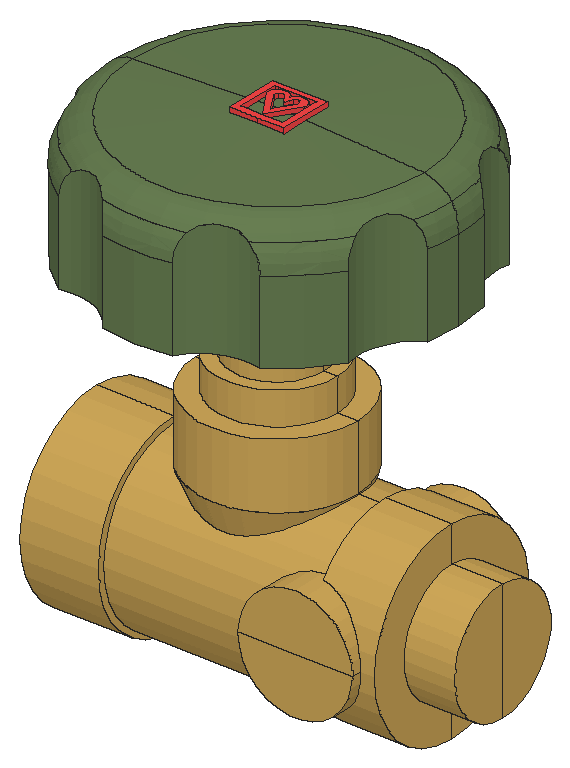
Revit family "Absperrventil 4215 W IG-AG", category Rohrzubehör, Revit 2019
Family settings
  Bemaßung runder Anschluss = Durchmesser verwenden
  Teiletyp = Unterbricht
  OmniClass-Nummer = 23.65.55.14
  OmniClass-Titel = Valves for Liquid Services
  Arbeitsebenenbasiert = Nein
  Immer vertikal = Ja
  Beim Laden mit Abzugskörper schneiden = Nein
  Gemeinsam genutzt = Nein
Parameters
  URL = "www.herz-armaturen.at"
  T01 = 17.5 mm  # constant formula
  SC_NennweiteBerechnet = 0
  SC_Dimension = ""
  SCTWSEQ = "FW;SBT_TYP_FW=\"106\";2"
  SCTWCODE = "04;01;02"  # constant formula
  S03 = 60 mm  # constant formula
  S02 [instance] = H01 + H02 + H03  # 46 mm
  S01 [instance] = R01 * 2  # 32 mm
  R09 [instance] = Nennweite Aus / 2  # 10 mm
  R08 [instance] = size_lookup("4215W_", "R8", 9.5 mm, Nennweite)  # 9.5 mm
  R07 = 3 mm  # constant formula
  R06 [instance] = size_lookup("4215W_", "R6", 7.8 mm, Nennweite)  # 7.8 mm
  R05 [instance] = size_lookup("4215W_", "R5", 10.1 mm, Nennweite)  # 10.1 mm
  R04 [instance] = size_lookup("4215W_", "R4", 13.5 mm, Nennweite)  # 13.5 mm
  R03 = 15 mm  # constant formula
  R02 [instance] = Nennweite / 2  # 7.5 mm
  R01 = 16 mm  # constant formula
  Nennweite Aus [instance] = 20 mm  # constant formula
  Nennweite [instance] = 15 mm  # constant formula
  Min. Durchfluss bei Dp 10 kPa [instance] = if(Nennweite = 15 mm, 0.2, if(Nennweite = 20 mm, 0.4, if(Nennweite = 25 mm, 0.7, if(Nennweite = 32 mm, 1.2, if(Nennweite = 40 mm, 1.6, if(Nennweite = 50 mm, 2.7, 0))))))  # 0.2
  Medium = "Trinkwasser"  # constant formula
  Max. Differenzdruck auf geschlossenen Sitz = 1000000.0 Pa  # constant formula
  Max. Betriebstemperatur = 90 °C  # constant formula
  Max. Betriebsdruck = 1000000.0 Pa  # constant formula
  L06 = 18 mm  # constant formula
  L05 = 8.5 mm  # constant formula
  L04 = 37.5 mm  # constant formula
  L03 = 17 mm  # constant formula
  L02 = 12 mm  # constant formula
  L01 = 13 mm  # constant formula
  L00 = 30 mm  # constant formula
  Hinweis = "Gemäß Art 33 der REACH-Verordnung (EG Nr. 1907/2006) sind wir verpflichtet, darauf hinzuweisen, dass der Stoff Blei auf der SVHC-Liste geführt wird und dass alle aus Messing bestehenden Bauteile, die in unseren Erzeugnissen verarbeitet sind, mehr als 0,1 % (w/w) Blei (CAS: 7439-92-1 / EINECS: 231-100-4) enthalten.\r\nDa Blei als Legierungsbestandteil fest gebunden ist, sind keine Expositionen zu erwarten und daher sind keine zusätzlichen Angaben zur sicheren Verwendung notwendig."
  Hersteller = "HERZ Armaturen Ges.m.b.H"  # constant formula
  Handrad = "Kunststoff, grün"  # constant formula
  H04 = 21 mm  # constant formula
  H03 = 14.6 mm  # constant formula
  H02 = 5.4 mm  # constant formula
  H01 = 26 mm  # constant formula
  H00 [instance] = H01 + H02 + H03  # 46 mm
  Gehäuse = "entzinkungsbeständiges Messing nach EN1982"  # constant formula
  O-Ringe = "EPDM"  # constant formula
  Bestellnummer = 2412561  # constant formula
  Anwendungsgebiet = "Zum Absperren von Trinkwasserleitungen und -anlagen in Gebäuden"
Reference planes
  plane 1 "Mitte (Vorne/hinten)": y = 0
  plane 2: z = 0
  plane 3 "Mitte (Links/rechts)": x = 0
Forms (mm)
  Revolve 1, solid, material "Messing, weicher Gelbton, geschweißt", detail levels fine
    sketch origin (470, 0, 0) x (1, 0, 0) y (0, 0, 1)
      loop
        line (-500, 7.5) -> (-488, 7.5) -> (-488, 0) -> (-432.5, 0) -> (-432.5, 10) -> (-441, 10) -> (-441, 16) -> (-452, 16) -> (-452, 15) -> (-487, 15) -> (-487, 16) -> (-500, 16) -> (-500, 7.5)
      axis (-500, 0) -> (-432.5, 0)
    angle from 0 to 360
  Revolve 2, solid, material "Messing, weicher Gelbton, geschweißt", detail levels fine
    sketch origin (0, 0, 0) x (1, 0, 0) y (0, 0, 1)
      loop
        line (0, 0) -> (0, 46) -> (-7.8, 46) -> (-7.8, 31.4) -> (-10.1, 31.4) -> (-10.1, 26) -> (-13.5, 26) -> (-13.5, 15) -> (-7.5, 0) -> (0, 0)
      axis (0, 46) -> (0, 0)
    angle from 0 to 360
  Revolve 3, solid, material "Messing, weicher Gelbton, geschweißt", detail levels fine
    sketch origin (0, 0, 0) x (1, 0, 0) y (0, 1, 0)
      loop
        line (17, -17.5) -> (26.5, -17.5) -> (26.5, -7.5) -> (20, -7.5) -> (20, 7.5) -> (26.5, 7.5) -> (26.5, 17.5) -> (17, 17.5) -> (17, -17.5)
      axis (17, 17.5) -> (17, -17.5)
    angle from 0 to 360
Lines and regions (mm)
  model lines, detail levels coarse+medium
    curve 1: line (-30, 0, 16) -> (-30, 0, -16)
    curve 2: line (-30, 0, -16) -> (37.5, 0, 16)
    curve 3: line (37.5, 0, 16) -> (37.5, 0, -16)
    curve 4: line (37.5, 0, -16) -> (-30, 0, 16)
    curve 5: line (3.75, 0, 0) -> (3.75, 0, 46)
    curve 6: line (-26.25, 0, 46) -> (33.75, 0, 46)
    curve 7: line (-30, -16, 0) -> (-30, 16, 0)
    curve 8: line (-30, 16, 0) -> (37.5, -16, 0)
    curve 9: line (37.5, -16, 0) -> (37.5, 16, 0)
    curve 10: line (37.5, 16, 0) -> (-30, -16, 0)
    curve 11: line (3.75, 0, 0) -> (3.75, 46, 0)
    curve 12: line (-26.25, 46, 0) -> (33.75, 46, 0)
Dimensions and locks
  "R01": Revolve 1 sketch curve to Revolve 1 sketch curve  (x2)
  "R02": Revolve 1 sketch curve to Revolve 1 sketch curve
  "L01": Revolve 1 sketch curve to Revolve 1 sketch curve
  "L02": Revolve 1 sketch curve to Revolve 1 sketch curve
  "R03": Revolve 1 sketch curve to Revolve 1 sketch curve
  "R03": Revolve 2 sketch curve to Revolve 2 sketch curve
  "R02": Revolve 2 sketch curve to Revolve 2 sketch curve
  "R04": Revolve 2 sketch curve to Revolve 2 sketch curve
  "R05": Revolve 2 sketch curve to Revolve 2 sketch curve
  "R06": Revolve 2 sketch curve to Revolve 2 sketch curve
  "H01": Revolve 2 sketch curve to plane 2
  "T01": Revolve 3 sketch curve to plane 1 "Mitte (Vorne/hinten)" to Revolve 3 sketch curve
  "R02": Revolve 3 sketch curve to plane 1 "Mitte (Vorne/hinten)"
  "R02": plane 1 "Mitte (Vorne/hinten)" to Revolve 3 sketch curve
  "R07": Revolve 3 sketch curve to Revolve 3 sketch curve
  "R08": Revolve 3 sketch curve to Revolve 3 sketch curve
  "H02": Revolve 2 sketch curve to Revolve 2 sketch curve
  "H03": Revolve 2 sketch curve to Revolve 2 sketch curve
  "L00": plane 3 "Mitte (Links/rechts)" to Revolve 1 sketch curve
  "L04": Revolve 1 sketch curve to plane 3 "Mitte (Links/rechts)"
  "R09": Revolve 1 sketch curve to Revolve 1 sketch curve
  "L03": plane 3 "Mitte (Links/rechts)" to Revolve 3 sketch curve
  "L05": Revolve 1 sketch curve to Revolve 1 sketch curve
  "L06": Revolve 1 sketch curve to plane 3 "Mitte (Links/rechts)"
  "H00": nested 1 to plane 2
  "H04": nested 2 to Revolve 2
  equal spacing: curve 3, plane 2, curve 4
  "S01": curve 3 to curve 4
  equal spacing: curve 4, plane 2, curve 2
  "S01": curve 2 to curve 4
  "L00": curve 1 to plane 3 "Mitte (Links/rechts)"
  "L04": plane 3 "Mitte (Links/rechts)" to curve 3
  equal spacing: Revolve 1, curve 5, curve 3
  "S02": curve 5 to plane 2
  equal spacing: curve 6, curve 5, curve 6
  "S03": curve 6 to curve 6
  equal spacing: curve 10, plane 1 "Mitte (Vorne/hinten)", curve 8
  equal spacing: curve 9, plane 1 "Mitte (Vorne/hinten)", curve 10
  "S01": curve 8 to curve 7
  "S01": curve 10 to curve 9
  "L04": plane 3 "Mitte (Links/rechts)" to curve 9
  "L00": curve 7 to plane 3 "Mitte (Links/rechts)"
  equal spacing: curve 12, curve 11, curve 12
  equal spacing: curve 7, curve 11, curve 9
  "S03": curve 12 to curve 12
  "S02": plane 1 "Mitte (Vorne/hinten)" to curve 11
  aligned and locked: level to plane 2
Automatic sketch dimensions
  Revolve 1 sketch curve to level = 0 mm  (x2)
  Revolve 1 sketch curve to Revolve 1 sketch curve = 791.99 mm
  Revolve 1 sketch curve to Revolve 1 sketch curve = 2278.983 mm
  Revolve 2 sketch curve to level = 0 mm
  Revolve 2 sketch curve to plane 3 "Mitte (Links/rechts)" = 0 mm  (x2)
  Revolve 2 sketch curve to level = 366.045 mm
  Revolve 2 sketch curve to Revolve 2 sketch curve = 2165.278 mm
  Revolve 3 sketch curve to Revolve 3 sketch curve = 9.5 mm
  Revolve 3 sketch curve to Revolve 3 sketch curve = 0 mm
  Revolve 3 sketch curve to Revolve 3 sketch curve = 4.553 mm
  Revolve 3 sketch curve to Revolve 3 sketch curve = 3.768 mm
Nested families
  nested 1: "Strömax-Handrad (Grün)" at (0.258, 0, 46), type "Strömax-Handrad (Grün)", detail levels fine
    with Nennweite 0 mm, Gewicht 0.00 kg, Bestellnummer 0
  nested 2: "Herz-Logo" at (0.258, 0, 67), type "Herz-Logo", detail levels fine
Connectors
  piping at (-18, 0, 0), diameter 15, driven by "Nennweite"
    settings: on Revolve 1, index 1, connector inside diameter 609.6 mm, connector length 0 mm, flow factor 0, pipe flow 0.0 L/s, pressure drop 0.0 Pa, fitting loss kfactor 0, connector angle 0.00°, fixture units 0, engagement length 0 mm, angle of deflection 0.00°, flow configuration 0, flow direction 1, fitting loss method 0, system type 29, joint type 0, gender type 0, connector reference index -1, connector utility 0, adjustable connector no, is connector primary yes, connector description ""
  piping at (37.5, 0, 0), diameter 20, driven by "Nennweite Aus"
    settings: on Revolve 1, index 2, connector inside diameter 609.6 mm, connector length 0 mm, flow factor 0, pipe flow 0.0 L/s, pressure drop 0.0 Pa, fitting loss kfactor 0, connector angle 0.00°, fixture units 0, engagement length 0 mm, angle of deflection 0.00°, flow configuration 0, flow direction 2, fitting loss method 0, system type 29, joint type 0, gender type 0, connector reference index -1, connector utility 0, adjustable connector no, is connector primary no, connector description ""
Definition of nested family "Strömax-Handrad (Grün)"
  Parameters (values of type "Strömax-Handrad (Grün)")
    URL = "www.herz-armaturen.at"
    Nennweite [instance] = 0 mm
    Manufacturer = "Herz Armaturen GmbH"  # constant formula
    Gewicht [instance] = 0.00 kg
    Bestellnummer [instance] = 0
  Reference planes
    plane 1 "Mitte (Vorne/hinten)": y = 0
    plane 2: z = 0
    plane 3 "Mitte (Links/rechts)": x = 0
  Forms (mm)
    Revolve 1, solid
      sketch origin (0, 0, 0) x (1, 0, 0) y (0, 0, 1)
        loop
          line (0, 0) -> (0, 22)
          arc (0, 22) -> (-12.15, 21.705) -> (-24.271, 20.819) r 250
          arc (-24.271, 20.819) -> (-26.831, 19.959) -> (-28.754, 18.063) r 6
          arc (-28.754, 18.063) -> (-29.682, 16.008) -> (-30, 13.776) r 8
          line (-30, 13.776) -> (-30, 0) -> (0, 0)
        axis (0, 22) -> (0, 0)
      angle from 0 to 360
    Extrusion 2, void
      sketch origin (0, 0, 0) x (1, 0, 0) y (0, 1, 0)
        loop
          circle (14.351, -34.645) r 10
      from 0 to 22
    Extrusion 3, void
      sketch origin (0, 0, 0) x (-1, 0, 0) y (0, -1, 0)
        loop
          circle (14.351, 34.645) r 10
      from 0 to 22
    Extrusion 4, void
      sketch origin (0, 0, 0) x (0, -1, 0) y (1, 0, 0)
        loop
          circle (14.351, 34.645) r 10
      from 0 to 22
    Extrusion 5, void
      sketch origin (0, 0, 0) x (0, 1, 0) y (-1, 0, 0)
        loop
          circle (14.351, -34.645) r 10
      from 0 to 22
    Extrusion 6, void
      sketch origin (0, 0, 0) x (0, -1, 0) y (1, 0, 0)
        loop
          circle (14.351, -34.645) r 10
      from 0 to 22
    Extrusion 7, void
      sketch origin (0, 0, 0) x (0, 1, 0) y (-1, 0, 0)
        loop
          circle (14.351, 34.645) r 10
      from 0 to 22
    Extrusion 8, void
      sketch origin (0, 0, 0) x (1, 0, 0) y (0, 1, 0)
        loop
          circle (14.351, 34.645) r 10
      from 0 to 22
    Extrusion 9, void
      sketch origin (0, 0, 0) x (-1, 0, 0) y (0, -1, 0)
        loop
          circle (14.351, -34.645) r 10
      from 0 to 22
  Cuts and joins
    Extrusion 2, Extrusion 3, Extrusion 4, Extrusion 5, Extrusion 6, Extrusion 7, Extrusion 8, Extrusion 9 cuts Revolve 1
  Dimensions and locks
    aligned and locked: level to plane 2
Definition of nested family "Herz-Logo"
  Reference planes
    plane 1 "Mitte (Vorne/hinten)": y = 0
    plane 2: z = 0
    plane 3 "Mitte (Links/rechts)": x = 0
  Forms (mm)
    Extrusion 1, solid
      sketch origin (0, 0, 0) x (1, 0, 0) y (0, 1, 0)
        loop
          line (-0.018, -4.517) -> (4.482, -4.517) -> (4.482, 4.483) -> (-4.518, 4.483) -> (-4.518, -4.517) -> (-0.018, -4.517)
        loop
          line (-0.05, -3.48) -> (3.482, -3.48) -> (3.482, 3.483) -> (-3.518, 3.483) -> (-3.518, -3.48) -> (-0.05, -3.48)
        loop
          arc (-0.018, 2.383) -> (-1.543, 3.287) -> (-3.067, 2.383) r 1.738
          arc (-3.067, 2.383) -> (-3.191, 1.899) -> (-3.067, 1.415) r 1.009
          line (-3.067, 1.415) -> (-0.018, -3.281) -> (3.032, 1.415)
          arc (3.032, 1.415) -> (3.156, 1.899) -> (3.032, 2.383) r 1.009
          arc (3.032, 2.383) -> (1.507, 3.287) -> (-0.018, 2.383) r 1.738
        loop
          arc (1.885, 1.272) -> (2.005, 1.675) -> (1.885, 2.079) r 0.74
          arc (1.885, 2.079) -> (1.265, 2.416) -> (0.644, 2.079) r 0.74
          line (0.644, 2.079) -> (-0.018, 0.97) -> (-0.679, 2.079)
          arc (-0.679, 2.079) -> (-1.3, 2.416) -> (-1.921, 2.079) r 0.74
          arc (-1.921, 2.079) -> (-2.04, 1.675) -> (-1.921, 1.272) r 0.74
          line (-1.921, 1.272) -> (-0.018, -1.658) -> (1.885, 1.272)
      from 0 to 1.5
  Dimensions and locks
    aligned and locked: level to plane 2
